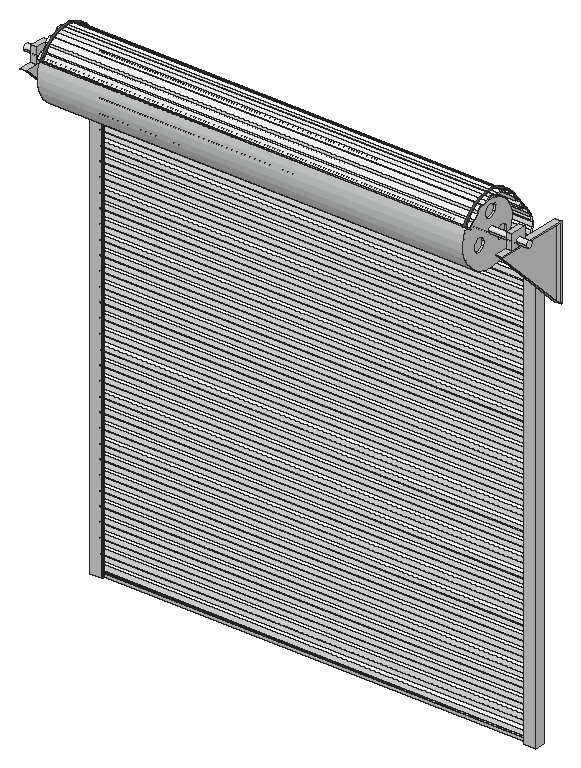
Revit family "ProStar-Rolling-Steel-Sheet-Doors_OHD_Model-790CW-REV-A_compact", category Specialty Equipment, host Wall, Revit 2023
Family settings
  Host = Wall
  Round Connector Dimension = Use Diameter
  Part Type = Normal
  OmniClass Number = 23.30.10.21.34
  OmniClass Title = Industrial Doors
  Enable Cutting in Views = No
  Always vertical = Yes
  Cut with Voids When Loaded = No
  Maintain Annotation Orientation = No
  Shared = No
  Room Calculation Point = No
Parameters (values of type "‏​Manual push-up")
  Voltage Real = 0 V
  Voltage [instance] = if(Electric Operator RLD, 120 V, Voltage Real)  # 0 V
  Version = "1.00.01"  # constant formula
  True Opening Width [instance] = Clear Width  # 100"
  True Opening Height [instance] = Clear Height  # 100"
  Slat Height = 3 91/256" * 3  # 10 17/256"
  Product Page URL = "https://www.overheaddoor.com/rolling-steel-sheet-doors-790cw"
  Slat Length [instance] = [Opening Width (Real)] + 1/4" * 2 + 1 77/256" * 2  # 103 13/128"
  Power Factor = 1
  Opening Width [instance] = 100"
  Opening Height [instance] = 100"
  Number of Poles = 1
  Motor Type Selection Real [instance] = if(and(Voltage Real = 115 V, or(Motor Type Selection < 1, Motor Type Selection = 1)), 1, 2)  # 2
  Motor Type Selection [instance] = 1
  Motor Type [instance] = if(Chain Hoist, "Chain Hoist", if(Manual, "Manual", if(Voltage Real = 115 V, if(or(Motor Type Selection < 1, Motor Type Selection > 2), "Please Select Motor Type Selection between 1 and 2", if(Motor Type Selection = 1, "RLD Wall Mount", "RMZ Wall Mount")), "RMZ Wall Mount")))  # "Manual"
  Min Opening Width [instance] = 96"  # constant formula
  Min Opening Height [instance] = 96"  # constant formula
  Max Opening Width [instance] = 240"  # constant formula
  Max Opening Height [instance] = 192"  # constant formula
  Manual = yes
  Headroom Height [instance] = 23"  # constant formula
  Opening Width (Real) [instance] = if(Opening Width < Min Opening Width, Min Opening Width, if(Opening Width > Max Opening Width, Max Opening Width, Opening Width))  # 100"
  Opening Height (Real) [instance] = if(Opening Height < Min Opening Height, Min Opening Height, if(Opening Height > Max Opening Height, Max Opening Height, Opening Height))  # 100"
  URL = "https://www.overheaddoor.com/"
  Product data url = "https://www.bimobject.com/overhead-door/product/rolling-steel-sheet-doors-790cw"
  Product Guid = "31ea9244-d163-47bf-8a72-29b8d9e5b7aa"
  Model = "790CW"  # constant formula
  Manufacturer = "Overhead Door Corporation"  # constant formula
  Wall Closure = By host
  Frequency = 0 Hz
  Floor To (CL) of Shaft [instance] = [Opening Height (Real)] + 13 95/128" + 1"  # 114 95/128"
  Finish Material = Metal - Overhead Door - Galvanized Steel
  Electrical Operator Real = no
  Electrical Operator RMZ [instance] = if(and(Electrical Operator Real, Motor Type Selection Real = 2), 1 = 1, 1 = 2)  # no
  Electric Operator RLD [instance] = if(and(Voltage Real = 115 V, Motor Type Selection Real = 1), 1 = 1, 1 = 2)  # no
  Description = "MODEL 790CW COMMERCIAL WINDLOAD SHEET DOOR"  # constant formula
  Default Elevation = 0"
  Date Updated = "2026/05/29"  # constant formula
  Curtain Material [instance] = Steel - Overhead Door - White
  Current [instance] = if(Manual, 0 A, if(Electric Operator RLD, 4 A, 20 A))  # 0 A
  Connection Offset [instance] = [Floor To (CL) of Shaft] - Array Length - 1 3/16" + 1/256"  # 2 53/64"
  Clear Width [instance] = [Opening Width (Real)]  # 100"
  Clear Height [instance] = [Opening Height (Real)]  # 100"
  Chain Hoist = no
  BimObject_Variable_Connectors = "No"  # constant formula
  Backroom Depth [instance] = 21"  # constant formula
  Array Length [instance] = (Array) * Slat Height  # 110 187/256"
  Array [instance] = rounddown(([Opening Height (Real)] - 1 3/16" + 11 145/256" + 1") / Slat Height)  # 11
  Apparent Load Phase 1 [instance] = Voltage * Current  # 0 VA
Reference planes (in)
  plane 1 "Center (Front/Back)": y = 0
  plane 2 "Center (Left/Right)": x = 0
  plane 3 "Left": x = -50
  plane 4 "Right": x = 50
  plane 5 "Exterior": y = 1.5
  plane 6 "Interior": y = -4.5
  plane 7: x = 50
  plane 8: x = -50
  plane 9: z = 100
  plane 10 "Top": z = 123
  plane 11 "Main": y = -5.75
  plane 12: y = -25.5
  plane 13 "Main Door Block": y = -4.5
  plane 14: z = 47.47
  plane 15 "Bottom Bar": z = 1.1875
  plane 16: x = 52.5
  plane 17: x = -52.5
  plane 18: y = -5.253
  plane 19: y = -6.048
  plane 20: z = 111.91797
  plane 21: z = 114.74219
  plane 22: z = 11.25391
Lines and regions (in)
  Opening 1
    outline origin (-90, -4.5, 0) x (1, 0, 0) y (0, 0, 1)
      loop
        line (40, 0) -> (140, 0) -> (140, 100) -> (40, 100) -> (40, 0)
Text (in)
  text "Exterior" at (-74.96733, 27.31104, 0), in view "Ref. Level"
  text "Interior" at (-74.96733, -25.14366, 0), in view "Ref. Level"
  text "Exterior" at (0, 40.15149, 123.01588), in view "Right"
  text "Interior" at (0, -64.39139, 123.01588), in view "Right"
  text "Interior" at (0, -31.01599, 123.00693), in view "Left"
  text "Exterior" at (0, 54.57065, 123.00693), in view "Left"
Dimensions and locks (in)
  equal spacing: plane 3 "Left", plane 2 "Center (Left/Right)", plane 4 "Right"
  level to host wall = 459.59655"
  "Opening Height (Real)": level to plane 9
  plane 8 to plane 2 "Center (Left/Right)" to plane 7 = 50", 50"
  "Headroom Height": plane 9 to plane 10 "Top"
  locked: plane 13 "Main Door Block" to plane 11 "Main" at 1.25
  locked: plane 1 "Center (Front/Back)" to plane 6 "Interior" at 4.5
  locked: plane 8 to plane 17 at 2.5
  locked: plane 16 to plane 7 at 2.5
  locked: plane 5 "Exterior" to plane 1 "Center (Front/Back)" at 1.5
  equal spacing: plane 7, plane 2 "Center (Left/Right)", plane 8
  locked: plane 18 to plane 11 "Main" at 0.497
  "Opening Width (Real)": plane 7 to plane 8
  "Backroom Depth": plane 12 to plane 6 "Interior"
  locked: plane 11 "Main" to plane 19 at 0.298
  plane 19 to plane 11 "Main" = 0.298"
  locked: plane 15 "Bottom Bar" to level at 1.1875
  "Array Length": plane 20 to plane 15 "Bottom Bar"
  "Floor To (CL) of Shaft": plane 21 to level
  "Slat Height": plane 22 to plane 15 "Bottom Bar"
  equal spacing: group 1, group 2, group 3, group 4, group 5, group 6, group 7, group 8, group 9, group 10, group 11  (x3)
  locked: plane 12 to nested 3 at 8.257
  locked: plane 12 to nested 13 at 8.257
  aligned and locked: Opening 1 sketch curve to level
  aligned and locked: plane 5 "Exterior" to host wall
  aligned and locked: host wall to plane 6 "Interior"
  aligned and locked: plane 8 to Opening 1 sketch curve
  aligned and locked: plane 7 to Opening 1 sketch curve
  aligned and locked: Opening 1 sketch curve to plane 9
  aligned and locked: plane 13 "Main Door Block" to plane 6 "Interior"
  aligned and locked: plane 21 to nested 3
  aligned and locked: plane 2 "Center (Left/Right)" to nested 3
  aligned and locked: plane 15 "Bottom Bar" to nested 2
  aligned and locked: plane 22 to nested 4
  aligned and locked: plane 19 to nested 2
  aligned and locked: plane 19 to nested 4
  aligned and locked: plane 2 "Center (Left/Right)" to nested 2
  aligned and locked: plane 2 "Center (Left/Right)" to nested 4
  aligned and locked: nested 1 to plane 6 "Interior"
  aligned and locked: level to nested 1
  aligned and locked: nested 1 to plane 2 "Center (Left/Right)"
  aligned and locked: plane 7 to nested 13
  aligned and locked: plane 21 to nested 13
  aligned and locked: plane 4 "Right" to plane 7
Nested families (in)
  nested 1: "Lifts" at (0, -4.5, 0) x (-1, 0, 0) z (0, 0, 1), type "Frame Unit"
  nested 2: "Slat" at (0, -6.048, 1.1875), type "Slat"
  nested 3: "Top Slat" at (0, -17.243, 114.74219), type "Top Slat"
  nested 4: "Slat" at (0, -6.048, 11.25391), type "Slat"
  nested 5: "Slat" at (0, -6.048, 21.32031), type "Slat"
  nested 6: "Slat" at (0, -6.048, 31.38672), type "Slat"
  nested 7: "Slat" at (0, -6.048, 41.45313), type "Slat"
  nested 8: "Slat" at (0, -6.048, 51.51953), type "Slat"
  nested 9: "Slat" at (0, -6.048, 61.58594), type "Slat"
  nested 10: "Slat" at (0, -6.048, 71.65234), type "Slat"
  nested 11: "Slat" at (0, -6.048, 81.71875), type "Slat"
  nested 12: "Slat" at (0, -6.048, 91.78516), type "Slat"
  nested 13: "Operator" at (50, -17.243, 114.74219), type "Family1"
  nested 14: "Slat" at (0, -6.048, 101.85156), type "Slat"
Connectors (in)
  electrical at (55.75, -17.243, 114.74219), driven by "Number of Poles", driven by "Voltage", driven by "Power Factor", driven by "Apparent Load Phase 1"
    settings: on nested 13, index 1, voltage 0 V, apparent load 0 VA, apparent load phase1 0 VA, apparent load phase2 0 VA, apparent load phase3 0 VA, power factor 1, load classification "Other", number of poles 1, system type 31, power factor state 1, is connector primary yes, connector utility no, sub classification motor no, connector description "Electrical Connector"
Definition of nested family "Lifts"
  Parameters (values of type "Frame Unit")
    Shaft Radius = 3/4"  # constant formula
    Shaft Material = none
    Setback = 1/4"  # constant formula
    Right Shaft Offset = 10"
    Resin Support Outter Radius = 8.257"  # constant formula
    Resin Support Inner Radius = 8.187"  # constant formula
    Resin Stopper Radius = 1 1/2"  # constant formula
    Resin Muft Offset = 2.141"  # constant formula
    Resin Elements Material = none
    Opening Width = 100"
    Muft Outter Radius = 8.257"  # constant formula
    Muft Inner Radius = 6 3/8"  # constant formula
    Left Shaft Offset = 10"
    J Offset = 11.743" + 1"  # 12.743"
    Headroom Height = 23"
    Header Width = 21"
    H = 12.243" + 1"  # 13.243"
    Guide Width R Real = Guid Width + Setback  # 3 1/4"
    Guide Width L Real = Guid Width + Setback  # 3 1/4"
    Guid Width = 3"  # constant formula
    Opening Height = 100"
    Floor To (CL) of Shaft = Opening Height + 13.742" + 1"  # 114.742"
    Finish Material = none
    Default Elevation = 48"
    Analytic Construction = "<None>"
  Reference planes (in)
    plane 1 "Center (Front/Back)": y = 0
    plane 2: z = 0
    plane 3 "Center (Left/Right)": x = 0
    plane 4 "Left": x = -50
    plane 5 "Right": x = 50
    plane 6 "Opening Height": z = 100
    plane 7: x = -60
    plane 8: x = 60
    plane 9: z = 123
    plane 10: y = 21
    plane 11: x = -25
    plane 12: x = 25
    plane 13: z = 114.742
    plane 14: y = 12.743
    plane 15: x = -51.55
    plane 16: x = 51.55
    plane 17: x = 53.25
    plane 18: x = -53.25
    plane 19: z = 113.243
    plane 20: x = 57
    plane 21: x = 50.75
    plane 22: x = -50.75
  Forms (in)
    Extrusion 1, solid, material <- "Finish Material"
      sketch origin (0, 0, 0) x (1, 0, 0) y (0, 1, 0)
        loop
          line (-53.25, 0) -> (-50.375, 0)
          arc (-50.375, 0) -> (-50.28661, 0.03661) -> (-50.25, 0.125) r 0.125
          line (-50.25, 0.125) -> (-50.25, 0.625)
          arc (-50.25, 0.625) -> (-50.26831, 0.66919) -> (-50.3125, 0.6875) r 0.0625
          line (-50.3125, 0.6875) -> (-51.55, 0.6875) -> (-51.55, 1.78125) -> (-50.325, 1.78125)
          arc (-50.325, 1.78125) -> (-50.27197, 1.80322) -> (-50.25, 1.85625) r 0.075
          line (-50.25, 1.85625) -> (-50.25, 2.21875)
          arc (-50.25, 2.21875) -> (-50.28661, 2.30714) -> (-50.375, 2.34375) r 0.125
          line (-50.375, 2.34375) -> (-53.25, 2.34375) -> (-53.25, 0)
        loop
          line (53.25, 0) -> (53.25, 2.34375) -> (50.3625, 2.34375)
          arc (50.3625, 2.34375) -> (50.28295, 2.3108) -> (50.25, 2.23125) r 0.1125
          line (50.25, 2.23125) -> (50.25, 1.85625)
          arc (50.25, 1.85625) -> (50.27197, 1.80322) -> (50.325, 1.78125) r 0.075
          line (50.325, 1.78125) -> (51.55, 1.78125) -> (51.55, 0.6875) -> (50.3125, 0.6875)
          arc (50.3125, 0.6875) -> (50.26831, 0.66919) -> (50.25, 0.625) r 0.0625
          line (50.25, 0.625) -> (50.25, 0.125)
          arc (50.25, 0.125) -> (50.28661, 0.03661) -> (50.375, 0) r 0.125
          line (50.375, 0) -> (53.25, 0)
      from 100 to 0
    Extrusion 2, solid, material <- "Finish Material"
      sketch origin (0, 0, 0) x (0, 1, 0) y (0, 0, 1)
        loop
          line (2.0625, 1) -> (2.0625, 1.1875) -> (1.45087, 1.1875) -> (1.45087, 2.125) -> (-0.15187, 2.125) -> (-0.3125, 1.96437) -> (-0.3125, 1.34813) -> (-0.15187, 1.1875) -> (0, 1.1875) -> (0, 1) -> (2.0625, 1)
      from -51.55 to 51.55
    Extrusion 3, solid, material <- "Finish Material"
      sketch origin (0, 0, 0) x (0, 1, 0) y (0, 0, 1)
        loop
          line (0.73437, 1) -> (0.73437, 0) -> (1.73437, 0) -> (1.73437, 1) -> (0.73437, 1)
      from -51.55 to 51.55
    Extrusion 4, solid, material <- "Shaft Material"
      sketch origin (0, 0, 0) x (0, 1, 0) y (0, 0, 1)
        loop
          circle (12.743, 114.742) r 0.75
      from -60 to 60
    Extrusion 5, solid, material <- "Finish Material"
      sketch origin (-53.25, 0, 100) x (0, 0, 1) y (0, -1, 0)
        loop
          line (13.243, -14.568) -> (16.893, -14.568) -> (16.893, -10.918) -> (13.243, -10.918) -> (13.243, 0) -> (-4.5, 0) -> (13.243, -17.743) -> (13.243, -14.568)
      from -4.25 to -2.75
    Extrusion 6, solid, material <- "Finish Material"
      sketch origin (53.25, 0, 100) x (0, 0, 1) y (0, -1, 0)
        loop
          line (13.243, -14.568) -> (16.893, -14.568) -> (16.893, -10.918) -> (13.243, -10.918) -> (13.243, 0) -> (-4.5, 0) -> (13.243, -17.743) -> (13.243, -14.568)
      from 4.25 to 2.75
    Extrusion 7, void
      sketch origin (0, 0, 0) x (1, 0, 0) y (0, 1, 0)
        loop
          line (50, -0.3125) -> (51.55, -0.3125) -> (51.55, 0.125) -> (50, 0.125) -> (50, -0.3125)
        loop
          line (-50, -0.3125) -> (-50, 0.125) -> (-51.55, 0.125) -> (-51.55, -0.3125) -> (-50, -0.3125)
      from 0 to 2.125
    Extrusion 8, solid, material <- "Finish Material"
      sketch origin (0, 12.743, 114.742) x (0, 0.906308, 0.422618) y (0, -0.422618, 0.906308)
        loop
          arc (6.375, 0) -> (0, 6.375) -> (-6.375, 0) r 6.375
          line (-6.375, 0) -> (-8.257, 0)
          arc (-8.257, 0) -> (0, -8.257) -> (8.257, 0) r 8.257
          line (8.257, 0) -> (6.375, 0)
        loop
          circle (1.658, 3.5556) r 1.625
        loop
          circle (2.25024, -3.21367) r 1.625
        loop
          circle (-3.90824, -0.34193) r 1.625
      from 50.75 to -50.75
    Extrusion 9, solid, material <- "Finish Material"
      sketch origin (0, 0, 0) x (0, 1, 0) y (0, 0, 1)
        loop
          circle (12.743, 114.742) r 6.375
      from -50 to 50
    Extrusion 10, void
      sketch origin (53.25, 0, 100) x (0, 0, 1) y (-1, 0, 0)
        loop
          line (12.963, -3.03) -> (-4.5, -3.03) -> (-4.5, -4.25) -> (12.963, -4.25) -> (12.963, -3.03)
        loop
          line (16.893, -4.25) -> (16.893, -4.1749) -> (13.243, -4.1749) -> (13.243, -4.25) -> (16.893, -4.25)
        loop
          line (16.893, -2.75) -> (13.243, -2.75) -> (13.243, -2.8251) -> (16.893, -2.8251) -> (16.893, -2.75)
      from -0.28 to -20.22638
    Extrusion 11, void
      sketch origin (-53.25, 0, 100) x (0, 0, -1) y (-1, 0, 0)
        loop
          line (-12.963, 3.03) -> (4.5, 3.03) -> (4.5, 4.25) -> (-12.963, 4.25) -> (-12.963, 3.03)
        loop
          line (-16.893, 4.25) -> (-16.893, 4.1749) -> (-13.243, 4.1749) -> (-13.243, 4.25) -> (-16.893, 4.25)
        loop
          line (-16.893, 2.75) -> (-13.243, 2.75) -> (-13.243, 2.8251) -> (-16.893, 2.8251) -> (-16.893, 2.75)
      from 0.28 to 17.743
    Sweep 12, solid, material <- "Resin Elements Material"
      path origin (0, 0, 0) x (0, 1, 0) y (0, 0, 1)
        loop
          line (0.6875, 0) -> (0.6875, 112.601) -> (6.19446, 119.77138)
          arc (6.19446, 119.77138) -> (13.64369, 122.94973) -> (20.22638, 118.23156) r 8.257
      profile origin (0, 0.6875, 56.3005) x (0, -1, 0) y (1, 0, 0)
        loop
          line (0, 50.25) -> (0, 50.75) -> (-0.07, 50.75) -> (-0.07, 50.25) -> (0, 50.25)
        loop
          line (0, -50.25) -> (-0.07, -50.25) -> (-0.07, -50.75) -> (0, -50.75) -> (0, -50.25)
  Cuts and joins
    Extrusion 11 cuts Extrusion 5
    Extrusion 10 cuts Extrusion 6
    joined: Extrusion 5, Extrusion 6
    Extrusion 7 cuts Extrusion 2
  Lines and regions (in)
    Masking region 1
      outline origin (0, 0, 0) x (1, 0, 0) y (0, 1, 0)
        loop
          line (-51.55, 2.34375) -> (-53.25, 2.34375) -> (-53.25, 0) -> (-51.55, 0) -> (-51.55, 2.34375)
        loop
          line (51.55, 2.34375) -> (51.55, 0) -> (53.25, 0) -> (53.25, 2.34375) -> (51.55, 2.34375)
    Masking region 2
      outline origin (0, 0, 0) x (1, 0, 0) y (0, 1, 0)
        loop
          line (60, 11.993) -> (60, 13.493) -> (57.4249, 13.493) -> (57.4249, 14.568) -> (56.0751, 14.568) -> (56.0751, 13.493) -> (51.55, 13.493) -> (51.55, 11.993) -> (56.0751, 11.993) -> (56.0751, 10.918) -> (57.4249, 10.918) -> (57.4249, 11.993) -> (60, 11.993)
        loop
          line (-60, 11.993) -> (-57.4249, 11.993) -> (-57.4249, 10.918) -> (-56.0751, 10.918) -> (-56.0751, 11.993) -> (-51.55, 11.993) -> (-51.55, 13.493) -> (-56.0751, 13.493) -> (-56.0751, 14.568) -> (-57.4249, 14.568) -> (-57.4249, 13.493) -> (-60, 13.493) -> (-60, 11.993)
    Masking region 3
      outline origin (0, 0, 0) x (1, 0, 0) y (0, 1, 0)
        loop
          line (-56, 0) -> (-56, 17.743) -> (-57.5, 17.743) -> (-57.5, 0) -> (-56, 0)
        loop
          line (56, 17.743) -> (56, 0) -> (57.5, 0) -> (57.5, 17.743) -> (56, 17.743)
    Masking region 4
      outline origin (0, 0, 0) x (1, 0, 0) y (0, 1, 0)
        loop
          line (-53.25, 2.34375) -> (-53.25, 0) -> (-50.375, 0)
          arc (-50.375, 0) -> (-50.28661, 0.03661) -> (-50.25, 0.125) r 0.125
          line (-50.25, 0.125) -> (-50.25, 0.625)
          arc (-50.25, 0.625) -> (-50.26831, 0.66919) -> (-50.3125, 0.6875) r 0.0625
          line (-50.3125, 0.6875) -> (-51.55, 0.6875) -> (-51.55, 1.78125) -> (-50.75, 1.78125) -> (-50.75, 2.34375) -> (-53.25, 2.34375)
        loop
          line (53.25, 2.34375) -> (50.75, 2.34375) -> (50.75, 1.78125) -> (51.55, 1.78125) -> (51.55, 0.6875) -> (50.3125, 0.6875)
          arc (50.3125, 0.6875) -> (50.26831, 0.66919) -> (50.25, 0.625) r 0.0625
          line (50.25, 0.625) -> (50.25, 0.125)
          arc (50.25, 0.125) -> (50.28661, 0.03661) -> (50.375, 0) r 0.125
          line (50.375, 0) -> (53.25, 0) -> (53.25, 2.34375)
    Masking region 5
      outline origin (0, 0, 0) x (1, 0, 0) y (0, 1, 0)
        loop
          line (-50.75, 20.22638) -> (-50.75, 0.6875) -> (-50.25, 0.6875) -> (-50.25, 20.22638) -> (-50.75, 20.22638)
        loop
          line (50.25, 0.6875) -> (50.75, 0.6875) -> (50.75, 20.22638) -> (50.25, 20.22638) -> (50.25, 0.6875)
    reference lines
      curve 1: line (53.25, 0, 100) -> (53.25, 0, 109.583)
      curve 2: line (-53.25, 0, 100) -> (-53.25, 0, 109.583)
      curve 3: line (0, 12.743, 114.742) -> (0, 21, 118.5923)
    symbolic lines
      curve 4: line (56.0751, 10.918, 0) -> (56.0751, 14.568, 0)
      curve 5: line (57.4249, 14.568, 0) -> (57.4249, 10.918, 0)
      curve 6: line (-57.4249, 10.918, 0) -> (-57.4249, 14.568, 0)
      curve 7: line (-56.0751, 14.568, 0) -> (-56.0751, 10.918, 0)
  Dimensions and locks (in)
    equal spacing: plane 4 "Left", plane 3 "Center (Left/Right)", plane 5 "Right"
    "Opening Width": plane 4 "Left" to plane 5 "Right"
    "Opening Height": plane 6 "Opening Height" to level
    "Guide Width L Real": Extrusion 1 sketch curve to plane 4 "Left"
    locked: Extrusion 1 sketch curve to Extrusion 1 sketch curve at 2.34375
    "Headroom Height": plane 9 to plane 6 "Opening Height"
    plane 10 to plane 1 "Center (Front/Back)" = 21"
    "Header Width": plane 10 to plane 1 "Center (Front/Back)"
    locked: Extrusion 1 sketch curve to Extrusion 1 sketch curve at 0.5625
    locked: Extrusion 1 sketch curve to Extrusion 1 sketch curve at 0.6875
    locked: Extrusion 3 sketch curve to level at 1
    locked: Extrusion 2 sketch curve to level at 2.125
    locked: Extrusion 2 sketch curve to level at 1.1875
    locked: Extrusion 2 sketch curve to Extrusion 2 sketch curve at 1.125
    locked: Extrusion 2 sketch curve to Extrusion 2 sketch curve at 0.16063  (x2)
    locked: Extrusion 7 sketch curve to plane 1 "Center (Front/Back)" at 0.3125  (x2)
    locked: plane 1 "Center (Front/Back)" to Extrusion 7 sketch curve at 0.125
    equal spacing: plane 4 "Left", plane 11, plane 3 "Center (Left/Right)"
    equal spacing: plane 5 "Right", plane 12, plane 3 "Center (Left/Right)"
    "Floor To (CL) of Shaft": plane 13 to plane 2
    "J Offset": plane 14 to plane 1 "Center (Front/Back)"
    locked: curve 1 to curve 1 at 9.583
    locked: curve 2 to curve 2 at 9.583
    "Setback": Extrusion 1 sketch curve to plane 4 "Left"
    locked: Extrusion 1 sketch curve to Extrusion 1 sketch curve at 1.3  (x2)
    "Setback": plane 5 "Right" to Extrusion 1 sketch curve
    "Guide Width R Real": plane 5 "Right" to Extrusion 1 sketch curve
    locked: plane 15 to plane 4 "Left" at 1.55
    locked: plane 5 "Right" to plane 16 at 1.55
    "Guide Width R Real": plane 5 "Right" to plane 17
    "Guide Width L Real": plane 18 to plane 4 "Left"
    "Left Shaft Offset": plane 7 to plane 4 "Left"
    "Right Shaft Offset": plane 5 "Right" to plane 8
    locked: plane 1 "Center (Front/Back)" to Extrusion 3 sketch curve at 0.73437
    locked: Extrusion 3 sketch curve to Extrusion 3 sketch curve at 1
    "H": plane 19 to plane 6 "Opening Height"
    plane 5 "Right" to plane 20 = 7"
    locked: plane 5 "Right" to plane 21 at 0.75
    locked: plane 22 to plane 4 "Left" at 0.75
    locked: plane 14 to Extrusion 6 sketch curve at 5
    locked: plane 14 to Extrusion 5 sketch curve at 5
    equal spacing: Extrusion 6 sketch curve, plane 14, Extrusion 6 sketch curve
    locked: Extrusion 6 sketch curve to plane 14 at 1.825
    locked: Extrusion 6 sketch curve to plane 13 at 2.151
    equal spacing: Extrusion 5 sketch curve, plane 14, Extrusion 5 sketch curve
    locked: Extrusion 5 sketch curve to plane 14 at 1.825
    locked: Extrusion 5 sketch curve to plane 13 at 2.151
    locked: plane 1 "Center (Front/Back)" to Sweep 12 sketch curve at 0.6875
    locked: Sweep 12 sketch curve to Sweep 12 sketch curve at 0.07
    "Resin Muft Offset": plane 13 to Sweep 12 sketch curve
    "Setback": plane 5 "Right" to Sweep 12 sketch curve
    "Setback": Sweep 12 sketch curve to plane 4 "Left"
    equal spacing: Masking region 2 sketch curve, plane 14, Masking region 2 sketch curve
    "Shaft Radius": Masking region 2 sketch curve to plane 14
    radius of Extrusion 1 sketch curve = 1/16"  (x2)
    radius of Extrusion 1 sketch curve = 1/8"  (x3)
    radius of Extrusion 1 sketch curve = 0.075"  (x2)
    radius of Extrusion 1 sketch curve = 0.1125"
    "Shaft Radius": radius of Extrusion 4 sketch curve
    "Muft Inner Radius": radius of Extrusion 8 sketch curve
    "Muft Outter Radius": radius of Extrusion 8 sketch curve
    "Muft Inner Radius": radius of Extrusion 9 sketch curve
    "Resin Support Outter Radius": radius of Sweep 12 sketch curve
    locked: plane 13 to curve 3 (angle 25.00°)
    locked: Extrusion 6 sketch curve to Extrusion 6 sketch curve (angle 45.00°)
    locked: plane 19 to Extrusion 5 sketch curve (angle 45.00°)
    aligned and locked: plane 2 to level
    aligned and locked: plane 1 "Center (Front/Back)" to Extrusion 1 sketch curve
    aligned and locked: Extrusion 1 sketch curve to plane 1 "Center (Front/Back)"
    aligned and locked: Extrusion 1 sketch curve to Extrusion 1 sketch curve  (x5)
    aligned and locked: plane 7 to Extrusion 4
    aligned and locked: Extrusion 4 to plane 8
    aligned and locked: plane 6 "Opening Height" to Extrusion 1
    aligned and locked: Extrusion 3 sketch curve to level
    aligned and locked: Extrusion 2 sketch curve to Extrusion 2 sketch curve
    aligned and locked: Extrusion 7 sketch curve to plane 5 "Right"
    aligned and locked: Extrusion 7 sketch curve to plane 4 "Left"
    aligned and locked: Extrusion 7 sketch curve to Extrusion 7 sketch curve
    aligned and locked: plane 13 to Extrusion 4 sketch curve
    aligned and locked: plane 14 to Extrusion 4 sketch curve
    aligned and locked: plane 6 "Opening Height" to curve 1
    aligned and locked: plane 6 "Opening Height" to curve 2
    aligned and locked: Extrusion 7 sketch curve to plane 15
    aligned and locked: plane 15 to Extrusion 3
    aligned and locked: plane 15 to cut or joined group of Extrusion 2, Extrusion 7
    aligned and locked: Extrusion 3 to plane 16
    aligned and locked: cut or joined group of Extrusion 2, Extrusion 7 to plane 16
    aligned and locked: Extrusion 7 sketch curve to plane 16
    aligned and locked: curve 1 to plane 17
    aligned and locked: curve 2 to plane 18
    aligned and locked: Extrusion 1 to Masking region 1 sketch curve  (x2)
    aligned and locked: Masking region 1 sketch curve to Extrusion 1  (x4)
    aligned and locked: plane 14 to Extrusion 8 sketch curve
    aligned and locked: plane 13 to Extrusion 8 sketch curve
    aligned and locked: plane 14 to curve 3
    aligned and locked: plane 10 to curve 3
    aligned and locked: curve 3 to Extrusion 8 sketch curve
    aligned and locked: Extrusion 8 sketch curve to curve 3
    aligned and locked: plane 14 to Extrusion 9 sketch curve
    aligned and locked: plane 13 to Extrusion 9 sketch curve
    aligned and locked: Extrusion 8 to plane 21
    aligned and locked: Extrusion 9 to plane 5 "Right"
    aligned and locked: Extrusion 8 to plane 22
    aligned and locked: plane 4 "Left" to Extrusion 9
    aligned and locked: Extrusion 6 sketch curve to plane 19  (x2)
    aligned and locked: plane 1 "Center (Front/Back)" to Extrusion 6 sketch curve
    aligned and locked: Extrusion 5 sketch curve to plane 19  (x2)
    aligned and locked: plane 1 "Center (Front/Back)" to Extrusion 5 sketch curve
    aligned and locked: level to Sweep 12 sketch curve
    aligned and locked: Sweep 12 sketch curve to profile plane
    aligned and locked: Sweep 12 sketch curve to plane 21
    aligned and locked: Sweep 12 sketch curve to Sweep 12 sketch curve  (x2)
    aligned and locked: Sweep 12 sketch curve to plane 22
    aligned and locked: plane 13 to Sweep 12 sketch curve
    aligned and locked: plane 14 to Sweep 12 sketch curve
    aligned and locked: curve 3 to Sweep 12 sketch curve
    aligned and locked: Masking region 2 sketch curve to plane 8
    aligned and locked: cut or joined group of Extrusion 5, Extrusion 6, Extrusion 10, Extrusion 11 to Masking region 2 sketch curve  (x12)
    aligned and locked: Masking region 2 sketch curve to plane 7
    aligned and locked: Masking region 2 sketch curve to Masking region 2 sketch curve  (x6)
    aligned and locked: Masking region 3 sketch curve to cut or joined group of Extrusion 5, Extrusion 6, Extrusion 10, Extrusion 11  (x6)
    aligned and locked: cut or joined group of Extrusion 5, Extrusion 6, Extrusion 10, Extrusion 11 to Masking region 3 sketch curve  (x2)
    aligned and locked: cut or joined group of Extrusion 5, Extrusion 6, Extrusion 10, Extrusion 11 to curve 4  (x3)
    aligned and locked: cut or joined group of Extrusion 5, Extrusion 6, Extrusion 10, Extrusion 11 to curve 5  (x3)
    aligned and locked: cut or joined group of Extrusion 5, Extrusion 6, Extrusion 10, Extrusion 11 to curve 6  (x3)
    aligned and locked: cut or joined group of Extrusion 5, Extrusion 6, Extrusion 10, Extrusion 11 to curve 7  (x3)
    aligned and locked: Masking region 4 sketch curve to Extrusion 1  (x12)
    aligned and locked: Extrusion 1 to Masking region 4 sketch curve  (x2)
    aligned and locked: Sweep 12 to Masking region 4 sketch curve  (x2)
    aligned and locked: Masking region 5 sketch curve to Sweep 12  (x8)
    aligned and locked: Masking region 2 sketch curve to plane 15
    aligned and locked: Masking region 2 sketch curve to plane 16
  Automatic sketch dimensions
    Extrusion 2 sketch curve to plane 1 "Center (Front/Back)" = 0"
    plane 1 "Center (Front/Back)" to Extrusion 2 sketch curve = 0.15187"  (x2)
    Extrusion 2 sketch curve to Extrusion 2 sketch curve = 0.16063"
    Extrusion 2 sketch curve to plane 1 "Center (Front/Back)" = 1.45088"
    Extrusion 2 sketch curve to Extrusion 2 sketch curve = 0.61162"
    plane 1 "Center (Front/Back)" to Masking region 1 sketch curve = 0"
    Masking region 1 sketch curve to plane 1 "Center (Front/Back)" = 2 11/32"
    curve 3 to plane 13 = 0"
    curve 2 to Extrusion 11 sketch curve = 2.8251"
    Extrusion 11 sketch curve to curve 2 = 7.31"
    Extrusion 11 sketch curve to Extrusion 11 sketch curve = 0"  (x2)
    Extrusion 11 sketch curve to curve 2 = 3.66"
    Extrusion 11 sketch curve to Extrusion 11 sketch curve = 0.28"
    curve 2 to Extrusion 11 sketch curve = 4 1/2"
    Extrusion 11 sketch curve to Extrusion 11 sketch curve = 0.0751"  (x2)
    curve 2 to Extrusion 11 sketch curve = 3.03"
    Extrusion 11 sketch curve to Extrusion 11 sketch curve = 1.1449"
    Extrusion 11 sketch curve to Extrusion 11 sketch curve = 1.22"
    Extrusion 10 sketch curve to curve 1 = 4 1/2"
    curve 1 to Extrusion 10 sketch curve = 3.38"
    Extrusion 10 sketch curve to Extrusion 10 sketch curve = 0.28"  (x2)
    Extrusion 10 sketch curve to Extrusion 10 sketch curve = 3.65"
    Extrusion 10 sketch curve to Extrusion 10 sketch curve = 0"  (x2)
    curve 1 to Extrusion 10 sketch curve = 4 1/4"
    Extrusion 10 sketch curve to Extrusion 10 sketch curve = 0.0751"  (x2)
    Extrusion 10 sketch curve to Extrusion 10 sketch curve = 1.1449"
    Extrusion 10 sketch curve to Extrusion 10 sketch curve = 1.34981"
    Extrusion 8 sketch curve to Extrusion 8 sketch curve = 0"
    curve 3 to Extrusion 8 sketch curve = 0.34193"
    Extrusion 8 sketch curve to Extrusion 8 sketch curve = 2.46676"
    curve 3 to Extrusion 8 sketch curve = 1.658"
    curve 3 to Extrusion 8 sketch curve = 2.25024"
    Extrusion 8 sketch curve to curve 3 = 3.21367"
    curve 3 to Extrusion 8 sketch curve = 3.5556"
    radius of Extrusion 8 sketch curve = 1 5/8"  (x3)
Definition of nested family "Slat"
  Parameters (values of type "Slat")
    Slat Height = 3.354" * 3  # 10.062"
    Panel Material = none
    Opening Width = 103 13/128"
    Default Elevation = 48"
  Reference planes (in)
    plane 1 "Center (Front/Back)": y = 0
    plane 2: z = 0
    plane 3 "Center (Left/Right)": x = 0
    plane 4: z = 10.062
    plane 5: x = -51.55078
    plane 6: x = 51.55078
  Forms (in)
    Extrusion 1, solid, material <- "Panel Material"
      sketch origin (0, 0, 0) x (0, 1, 0) y (0, 0, 1)
        loop
          line (0.5962, 1.67027) -> (0.5962, 2.9709) -> (0.04, 3.375) -> (0.04, 4.62025) -> (0.5962, 5.02435) -> (0.5962, 6.32497) -> (0.04, 6.72907) -> (0.04, 7.97432) -> (0.5962, 8.37842) -> (0.5962, 9.67905) -> (0.04, 10.08315) -> (0, 10.06222) -> (0.5562, 9.65812) -> (0.5562, 8.3988) -> (0, 7.9947) -> (0, 6.70815) -> (0.5562, 6.30405) -> (0.5562, 5.04473) -> (0, 4.64063) -> (0, 3.35407) -> (0.5562, 2.94997) -> (0.5562, 1.69065) -> (0, 1.28655) -> (0, 0) -> (0.04, 0) -> (0.04, 1.26617) -> (0.5962, 1.67027)
      from -51.55078 to 51.55078
  Dimensions and locks (in)
    "Slat Height": plane 4 to plane 2
    equal spacing: plane 5, plane 3 "Center (Left/Right)", plane 6
    "Opening Width": plane 5 to plane 6
    aligned and locked: plane 2 to level
    aligned and locked: plane 5 to Extrusion 1
    aligned and locked: plane 6 to Extrusion 1
  Automatic sketch dimensions
    Extrusion 1 sketch curve to plane 1 "Center (Front/Back)" = 0"  (x4)
    Extrusion 1 sketch curve to level = 0"
    Extrusion 1 sketch curve to plane 1 "Center (Front/Back)" = 0.04"  (x3)
    Extrusion 1 sketch curve to Extrusion 1 sketch curve = 0.04"  (x4)
    Extrusion 1 sketch curve to plane 1 "Center (Front/Back)" = 0.5562"  (x3)
    level to Extrusion 1 sketch curve = 1.26617"
    Extrusion 1 sketch curve to Extrusion 1 sketch curve = 0.02038"  (x6)
    Extrusion 1 sketch curve to Extrusion 1 sketch curve = 0.4041"  (x5)
    Extrusion 1 sketch curve to Extrusion 1 sketch curve = 1.25932"  (x2)
    Extrusion 1 sketch curve to Extrusion 1 sketch curve = 0.02093"  (x5)
    Extrusion 1 sketch curve to Extrusion 1 sketch curve = 1.24525"
    Extrusion 1 sketch curve to Extrusion 1 sketch curve = 1.26617"
    Extrusion 1 sketch curve to plane 4 = 0.40388"
    plane 4 to Extrusion 1 sketch curve = 0.00022"
    plane 4 to Extrusion 1 sketch curve = 0.02115"
Definition of nested family "Top Slat"
  Parameters (values of type "Top Slat")
    Slat Height = 3.354"  # constant formula
    Primar Offset = 2 53/64"
    Panel Material = none
    Opening Width = 103 13/128"
    Offset 2 = if(Primar Offset > Slat Height * 2 + 2.175", Slat Height, 0")  # 0"
    Offset 1 = if(Primar Offset > Slat Height + 2.175", Slat Height, 0")  # 0"
    Default Elevation = 48"
    2nd Slat = if(Offset 2 = 0", 1 = 2, 1 = 1)  # no
    1st Slat = if(Offset 1 = 0", 1 = 2, 1 = 1)  # no
  Reference planes (in)
    plane 1 "Center (Front/Back)": y = 0
    plane 2: z = 0
    plane 3 "Center (Left/Right)": x = 0
    plane 4: x = -51.55078
    plane 5: x = 51.55078
  Forms (in)
    Extrusion 1, solid, material <- "Panel Material"
      sketch origin (0, -2.21749, 3.375) x (0, 1, 0) y (0, 0, 1)
        loop
          line (10.95902, -2.50599) -> (10.16621, -1.54574) -> (10.33784, -0.88) -> (9.50977, 0.12295) -> (8.80388, 0.07924)
          arc (8.80388, 0.07924) -> (8.49771, 0.60905) -> (8.14904, 1.11191) r 7.43816
          line (8.14904, 1.11191) -> (8.2539, 1.79485) -> (7.32987, 2.71017) -> (6.64852, 2.59895)
          arc (6.64852, 2.59895) -> (6.13875, 2.94542) -> (5.60204, 3.2485) r 7.43816
          line (5.60204, 3.2485) -> (5.3989, 3.90891) -> (4.16842, 4.33026) -> (3.60357, 3.93332)
          arc (3.60357, 3.93332) -> (2.99378, 4.02311) -> (2.37865, 4.0621) r 7.43816
          line (2.37865, 4.0621) -> (1.90809, 4.56805) -> (0.61695, 4.41126) -> (0.28145, 3.80789)
          arc (0.28145, 3.80789) -> (-0.30099, 3.62505) -> (-0.86648, 3.39508) r 7.43816
          line (-0.86648, 3.39508) -> (-1.51005, 3.64652) -> (-2.60504, 2.94465) -> (-2.64527, 2.25544)
          arc (-2.64527, 2.25544) -> (-3.09055, 1.83784) -> (-3.50009, 1.38513) r 7.43816
          line (-3.50009, 1.38513) -> (-4.189, 1.33218) -> (-4.87061, 0.22447) -> (-4.72055, -0.13969) -> (-4.66641, -0.16494) -> (-4.82558, 0.22133) -> (-4.16562, 1.29386) -> (-3.48014, 1.34654)
          arc (-3.48014, 1.34654) -> (-3.0618, 1.81003) -> (-2.60586, 2.2366) r 7.39816
          line (-2.60586, 2.2366) -> (-2.56584, 2.92226) -> (-1.50563, 3.60185) -> (-0.86527, 3.35166)
          arc (-0.86527, 3.35166) -> (-0.28716, 3.58752) -> (0.30877, 3.7738) r 7.39816
          line (0.30877, 3.7738) -> (0.64255, 4.37407) -> (1.89268, 4.52589) -> (2.36089, 4.02246)
          arc (2.36089, 4.02246) -> (2.98991, 3.98329) -> (3.61331, 3.89073) r 7.39816
          line (3.61331, 3.89073) -> (4.17526, 4.28564) -> (5.36666, 3.87767) -> (5.56879, 3.22056)
          arc (5.56879, 3.22056) -> (6.11792, 2.91127) -> (6.63873, 2.55637) r 7.39816
          line (6.63873, 2.55637) -> (7.31659, 2.66703) -> (8.21127, 1.78078) -> (8.10693, 1.10124)
          arc (8.10693, 1.10124) -> (8.46647, 0.58362) -> (8.78065, 0.03728) r 7.39816
          line (8.78065, 0.03728) -> (9.49225, 0.08135) -> (10.29402, -0.88975) -> (10.12239, -1.55549) -> (10.9415, -2.5476) -> (11.65309, -2.50352) -> (12.45486, -3.47463) -> (12.28082, -4.14974) -> (13.41281, -5.50386) -> (13.41281, -6.20312) -> (13.48161, -6.20312) -> (13.45281, -6.1822) -> (13.45281, -5.49244) -> (12.32739, -4.12932) -> (12.49868, -3.46488) -> (11.67061, -2.46192) -> (10.96472, -2.50564)
      from -51.55078 to 51.55078
    Extrusion 2, solid, material <- "Panel Material", visible <- "1st Slat"
      sketch origin (0, 1.16153, -2.82813) x (0, 1, 0) y (0, 0, 1)
        loop
          line (10.62998, 1.67027) -> (10.62998, 2.9709) -> (10.07378, 3.375) -> (10.03378, 3.35407) -> (10.58998, 2.94997) -> (10.58998, 1.69065) -> (10.03378, 1.28655) -> (10.03378, 0) -> (10.07378, 0) -> (10.07378, 1.26617) -> (10.62998, 1.67027)
      from -51.55078 to 51.55078
    Extrusion 3, solid, material <- "Panel Material", visible <- "2nd Slat"
      sketch origin (0, 1.16153, 0.52587) x (0, 1, 0) y (0, 0, 1)
        loop
          line (10.62998, 1.67027) -> (10.62998, 2.9709) -> (10.07378, 3.375) -> (10.03378, 3.35407) -> (10.58998, 2.94997) -> (10.58998, 1.69065) -> (10.03378, 1.28655) -> (10.03378, 0) -> (10.07378, 0) -> (10.07378, 1.26617) -> (10.62998, 1.67027)
      from -51.55078 to 51.55078
  Lines and regions (in)
    Masking region 1
      outline origin (0, 0, 0) x (1, 0, 0) y (0, 1, 0)
        loop
          line (-51.55078, -7.08811) -> (51.55078, -7.08811) -> (51.55078, 11.75151) -> (-51.55078, 11.75151) -> (-51.55078, -7.08811)
    reference lines
      curve 1: line (0, 0, -2.82813) -> (0, 15, -2.82813)
      curve 2: line (0, 0, -2.82813) -> (0, 15, -2.82813)
      curve 3: line (0, 0, -2.82813) -> (0, 15, -2.82813)
    symbolic lines
      curve 4: line (51.55078, 10.07388, 0) -> (-51.55078, 10.07388, 0)
      curve 5: line (-51.55078, 9.75558, 0) -> (51.55078, 9.75558, 0)
      curve 6: line (-51.55078, 9.06865, 0) -> (51.55078, 9.06865, 0)
      curve 7: line (-51.55078, 8.38293, 0) -> (51.55078, 8.38293, 0)
      curve 8: line (-51.55078, 7.98412, 0) -> (51.55078, 7.98412, 0)
      curve 9: line (-51.55078, 7.29719, 0) -> (51.55078, 7.29719, 0)
      curve 10: line (-51.55078, 6.58806, 0) -> (51.55078, 6.58806, 0)
      curve 11: line (-51.55078, 6.0364, 0) -> (51.55078, 6.0364, 0)
      curve 12: line (-51.55078, 5.11238, 0) -> (51.55078, 5.11238, 0)
      curve 13: line (-51.55078, 4.43102, 0) -> (51.55078, 4.43102, 0)
      curve 14: line (-51.55078, 3.38455, 0) -> (51.55078, 3.38455, 0)
      curve 15: line (-51.55078, 3.18141, 0) -> (51.55078, 3.18141, 0)
      curve 16: line (-51.55078, 1.95093, 0) -> (51.55078, 1.95093, 0)
      curve 17: line (-51.55078, 1.38608, 0) -> (51.55078, 1.38608, 0)
      curve 18: line (-51.55078, 0.16115, 0) -> (51.55078, 0.16115, 0)
      curve 19: line (-51.55078, -0.3094, 0) -> (51.55078, -0.3094, 0)
      curve 20: line (-51.55078, -1.60054, 0) -> (51.55078, -1.60054, 0)
      curve 21: line (-51.55078, -1.93604, 0) -> (51.55078, -1.93604, 0)
      curve 22: line (-51.55078, -3.08397, 0) -> (51.55078, -3.08397, 0)
      curve 23: line (-51.55078, -3.72755, 0) -> (51.55078, -3.72755, 0)
      curve 24: line (-51.55078, -4.82253, 0) -> (51.55078, -4.82253, 0)
      curve 25: line (-51.55078, -5.71758, 0) -> (51.55078, -5.71758, 0)
      curve 26: line (-51.55078, -6.4065, 0) -> (51.55078, -6.4065, 0)
  Dimensions and locks (in)
    equal spacing: plane 4, plane 3 "Center (Left/Right)", plane 5
    "Opening Width": plane 4 to plane 5
    locked: curve 1 to curve 1 at 15
    locked: curve 2 to curve 2 at 15
    locked: curve 3 to curve 3 at 15
    "Offset 2": curve 2 to curve 1
    "Offset 1": curve 3 to curve 2
    "Primar Offset": curve 3 to level
    locked: Extrusion 1 sketch curve to Extrusion 1 sketch curve at 0.0688
    locked: Extrusion 1 sketch curve to Extrusion 1 sketch curve (angle 36.00°)
    aligned and locked: plane 2 to level
    aligned and locked: plane 4 to Extrusion 1
    aligned and locked: plane 5 to Extrusion 1
    aligned and locked: plane 1 "Center (Front/Back)" to curve 1
    aligned and locked: plane 1 "Center (Front/Back)" to curve 2
    aligned and locked: plane 1 "Center (Front/Back)" to curve 3
    aligned and locked: curve 1 to Extrusion 1 sketch curve
    aligned and locked: plane 4 to Extrusion 2
    aligned and locked: plane 5 to Extrusion 2
    aligned and locked: plane 4 to Extrusion 3
    aligned and locked: plane 5 to Extrusion 3
    aligned and locked: Masking region 1 sketch curve to plane 4
    aligned and locked: Masking region 1 sketch curve to Extrusion 1
    aligned and locked: plane 5 to Masking region 1 sketch curve
    aligned and locked: Masking region 1 sketch curve to Extrusion 3
    aligned and locked: plane 4 to curve 5
    aligned and locked: plane 4 to curve 4
    aligned and locked: plane 4 to curve 6
    aligned and locked: plane 4 to curve 7
    aligned and locked: plane 4 to curve 8
    aligned and locked: plane 4 to curve 9
    aligned and locked: plane 4 to curve 10
    aligned and locked: plane 4 to curve 11
    aligned and locked: plane 4 to curve 12
    aligned and locked: plane 4 to curve 13
    aligned and locked: plane 4 to curve 14
    aligned and locked: plane 4 to curve 15
    aligned and locked: plane 4 to curve 16
    aligned and locked: plane 4 to curve 17
    aligned and locked: plane 4 to curve 18
    aligned and locked: plane 4 to curve 19
    aligned and locked: plane 4 to curve 20
    aligned and locked: plane 4 to curve 21
    aligned and locked: plane 4 to curve 22
    aligned and locked: plane 4 to curve 23
    aligned and locked: plane 4 to curve 24
    aligned and locked: plane 4 to curve 25
    aligned and locked: plane 4 to curve 26
    aligned and locked: plane 5 to curve 26
    aligned and locked: plane 5 to curve 25
    aligned and locked: plane 5 to curve 24
    aligned and locked: plane 5 to curve 23
    aligned and locked: plane 5 to curve 22
    aligned and locked: plane 5 to curve 21
    aligned and locked: plane 5 to curve 20
    aligned and locked: plane 5 to curve 19
    aligned and locked: plane 5 to curve 18
    aligned and locked: plane 5 to curve 17
    aligned and locked: plane 5 to curve 16
    aligned and locked: plane 5 to curve 15
    aligned and locked: plane 5 to curve 14
    aligned and locked: plane 5 to curve 13
    aligned and locked: plane 5 to curve 12
    aligned and locked: plane 5 to curve 11
    aligned and locked: plane 5 to curve 10
    aligned and locked: plane 5 to curve 9
    aligned and locked: plane 5 to curve 8
    aligned and locked: plane 5 to curve 7
    aligned and locked: plane 5 to curve 6
    aligned and locked: plane 5 to curve 5
    aligned and locked: plane 5 to curve 4
  Automatic sketch dimensions
    curve 3 to Extrusion 2 sketch curve = 0"
    Extrusion 2 sketch curve to curve 3 = 3 103/128"
    Extrusion 2 sketch curve to Extrusion 2 sketch curve = 0"
    Extrusion 2 sketch curve to Extrusion 2 sketch curve = 0.04"  (x3)
    Extrusion 2 sketch curve to curve 3 = 1.69065"
    Extrusion 2 sketch curve to Extrusion 2 sketch curve = 0.5162"
    Extrusion 2 sketch curve to curve 3 = 1.67027"
    Extrusion 2 sketch curve to Extrusion 2 sketch curve = 0.42448"
    Extrusion 2 sketch curve to Extrusion 2 sketch curve = 0.02038"
    Extrusion 2 sketch curve to Extrusion 2 sketch curve = 1.25932"
    Extrusion 2 sketch curve to Extrusion 2 sketch curve = 0.02093"  (x2)
    Extrusion 2 sketch curve to Extrusion 2 sketch curve = 0.4041"
    Extrusion 3 sketch curve to curve 3 = 3 103/128"
    Extrusion 3 sketch curve to Extrusion 3 sketch curve = 0"
    Extrusion 3 sketch curve to Extrusion 3 sketch curve = 0.04"  (x3)
    Extrusion 3 sketch curve to Extrusion 3 sketch curve = 0.5162"
    Extrusion 3 sketch curve to curve 3 = 3.354"
    Extrusion 3 sketch curve to Extrusion 3 sketch curve = 1.26617"
    Extrusion 3 sketch curve to Extrusion 3 sketch curve = 0.02038"  (x2)
    Extrusion 3 sketch curve to Extrusion 3 sketch curve = 0.4041"  (x2)
    Extrusion 3 sketch curve to Extrusion 3 sketch curve = 1.25932"
    Extrusion 3 sketch curve to Extrusion 3 sketch curve = 0.02093"  (x2)
    plane 1 "Center (Front/Back)" to curve 26 = 6.4065"
    curve 26 to curve 25 = 0.68892"
    curve 25 to curve 24 = 0.89505"
    curve 24 to curve 23 = 1.09499"
    curve 23 to curve 22 = 0.64357"
    curve 22 to curve 21 = 1.14793"
    curve 21 to curve 20 = 0.3355"
    plane 1 "Center (Front/Back)" to curve 19 = 0.3094"
    curve 18 to plane 1 "Center (Front/Back)" = 0.16115"
    curve 18 to curve 17 = 1.22493"
    curve 17 to curve 16 = 0.56485"
    curve 16 to curve 15 = 1 59/256"
    curve 15 to curve 14 = 13/64"
    curve 14 to curve 13 = 1.04647"
    curve 13 to curve 12 = 0.68136"
    curve 12 to curve 11 = 0.92402"
    curve 11 to curve 10 = 0.55166"
    curve 10 to curve 9 = 0.70913"
    curve 9 to curve 8 = 0.68693"
    curve 8 to curve 7 = 0.39881"
    curve 7 to curve 6 = 0.68572"
    curve 6 to curve 5 = 0.68693"
    curve 5 to curve 4 = 0.3183"
    Extrusion 1 sketch curve to Extrusion 1 sketch curve = 0"  (x18)
    plane 1 "Center (Front/Back)" to Extrusion 1 sketch curve = 7.08811"
    Extrusion 1 sketch curve to Extrusion 1 sketch curve = 0.04503"
    level to Extrusion 1 sketch curve = 3.23531"
    Extrusion 1 sketch curve to Extrusion 1 sketch curve = 0.10502"
    level to Extrusion 1 sketch curve = 3.21006"
    Extrusion 1 sketch curve to Extrusion 1 sketch curve = 0.05414"
    Extrusion 1 sketch curve to Extrusion 1 sketch curve = 0.63658"
    Extrusion 1 sketch curve to Extrusion 1 sketch curve = 0.02339"
    Extrusion 1 sketch curve to Extrusion 1 sketch curve = 0.66553"
    Extrusion 1 sketch curve to Extrusion 1 sketch curve = 0.01995"
    Extrusion 1 sketch curve to Extrusion 1 sketch curve = 0.85482"
    Extrusion 1 sketch curve to Extrusion 1 sketch curve = 0.03941"
    Extrusion 1 sketch curve to Extrusion 1 sketch curve = 0.04023"
    Extrusion 1 sketch curve to Extrusion 1 sketch curve = 0.0392"
    Extrusion 1 sketch curve to Extrusion 1 sketch curve = 1.05579"
    Extrusion 1 sketch curve to Extrusion 1 sketch curve = 0.00443"
    Extrusion 1 sketch curve to Extrusion 1 sketch curve = 0.63914"
    Extrusion 1 sketch curve to Extrusion 1 sketch curve = 0.00122"
    Extrusion 1 sketch curve to Extrusion 1 sketch curve = 1.14793"
    Extrusion 1 sketch curve to Extrusion 1 sketch curve = 0.02732"
    Extrusion 1 sketch curve to Extrusion 1 sketch curve = 0.3355"
    Extrusion 1 sketch curve to Extrusion 1 sketch curve = 0.02559"
    plane 1 "Center (Front/Back)" to Extrusion 1 sketch curve = 0.32481"
    Extrusion 1 sketch curve to Extrusion 1 sketch curve = 0.01541"
    level to Extrusion 1 sketch curve = 0.00071"
    plane 1 "Center (Front/Back)" to Extrusion 1 sketch curve = 0.00144"
    Extrusion 1 sketch curve to plane 1 "Center (Front/Back)" = 0.14339"
    Extrusion 1 sketch curve to Extrusion 1 sketch curve = 0.01776"
    Extrusion 1 sketch curve to Extrusion 1 sketch curve = 1.22493"
    Extrusion 1 sketch curve to Extrusion 1 sketch curve = 0.00974"
    Extrusion 1 sketch curve to Extrusion 1 sketch curve = 0.56485"
    Extrusion 1 sketch curve to Extrusion 1 sketch curve = 0.00684"
    Extrusion 1 sketch curve to Extrusion 1 sketch curve = 1 49/256"
    Extrusion 1 sketch curve to Extrusion 1 sketch curve = 0.03224"
    Extrusion 1 sketch curve to Extrusion 1 sketch curve = 0.20212"
    Extrusion 1 sketch curve to Extrusion 1 sketch curve = 0.03325"
    Extrusion 1 sketch curve to Extrusion 1 sketch curve = 1.03669"
    Extrusion 1 sketch curve to Extrusion 1 sketch curve = 0.00979"
    Extrusion 1 sketch curve to Extrusion 1 sketch curve = 0.66807"
    Extrusion 1 sketch curve to Extrusion 1 sketch curve = 0.01328"
    Extrusion 1 sketch curve to Extrusion 1 sketch curve = 0.79034"
    Extrusion 1 sketch curve to Extrusion 1 sketch curve = 0.04211"
    Extrusion 1 sketch curve to Extrusion 1 sketch curve = 0.06223"
    Extrusion 1 sketch curve to Extrusion 1 sketch curve = 0.04263"
    level to Extrusion 1 sketch curve = 3.41228"
    Extrusion 1 sketch curve to Extrusion 1 sketch curve = 0.63162"
    level to Extrusion 1 sketch curve = 3.45424"
    Extrusion 1 sketch curve to Extrusion 1 sketch curve = 0.02322"
    level to Extrusion 1 sketch curve = 3.45635"
    Extrusion 1 sketch curve to Extrusion 1 sketch curve = 0.68837"
    level to Extrusion 1 sketch curve = 3.49795"
    Extrusion 1 sketch curve to Extrusion 1 sketch curve = 0.01752"  (x3)
    level to Extrusion 1 sketch curve = 1.81951"
    Extrusion 1 sketch curve to Extrusion 1 sketch curve = 0.63014"
    level to Extrusion 1 sketch curve = 1.82926"
    Extrusion 1 sketch curve to Extrusion 1 sketch curve = 0.04382"  (x3)
    level to Extrusion 1 sketch curve = 2.48525"
    Extrusion 1 sketch curve to Extrusion 1 sketch curve = 0.1278"
    level to Extrusion 1 sketch curve = 2.495"
    level to Extrusion 1 sketch curve = 0.8274"
    Extrusion 1 sketch curve to Extrusion 1 sketch curve = 0.77529"
    level to Extrusion 1 sketch curve = 0.87148"
    Extrusion 1 sketch curve to Extrusion 1 sketch curve = 0.71159"
    level to Extrusion 1 sketch curve = 0.91308"
    Extrusion 1 sketch curve to level = 0.09963"
    Extrusion 1 sketch curve to level = 0.08988"
    Extrusion 1 sketch curve to Extrusion 1 sketch curve = 1.08542"
    Extrusion 1 sketch curve to level = 2.11744"
    Extrusion 1 sketch curve to Extrusion 1 sketch curve = 0.04"
    Extrusion 1 sketch curve to Extrusion 1 sketch curve = 0.36102"
    Extrusion 1 sketch curve to Extrusion 1 sketch curve = 0.00314"
    Extrusion 1 sketch curve to Extrusion 1 sketch curve = 1.07254"
    Extrusion 1 sketch curve to Extrusion 1 sketch curve = 0.03832"
    Extrusion 1 sketch curve to Extrusion 1 sketch curve = 0.05268"
    Extrusion 1 sketch curve to Extrusion 1 sketch curve = 0.03858"
    Extrusion 1 sketch curve to Extrusion 1 sketch curve = 0.66887"
    Extrusion 1 sketch curve to Extrusion 1 sketch curve = 0.01407"
    Extrusion 1 sketch curve to Extrusion 1 sketch curve = 0.7756"
    Extrusion 1 sketch curve to Extrusion 1 sketch curve = 0.04257"
    Extrusion 1 sketch curve to Extrusion 1 sketch curve = 0.06808"
    Extrusion 1 sketch curve to Extrusion 1 sketch curve = 0.04314"
    Extrusion 1 sketch curve to Extrusion 1 sketch curve = 0.66682"
    Extrusion 1 sketch curve to Extrusion 1 sketch curve = 0.02238"
    Extrusion 1 sketch curve to Extrusion 1 sketch curve = 0.4294"
    Extrusion 1 sketch curve to Extrusion 1 sketch curve = 0.04342"
    Extrusion 1 sketch curve to Extrusion 1 sketch curve = 0.20677"
    Extrusion 1 sketch curve to Extrusion 1 sketch curve = 0.04467"
    Extrusion 1 sketch curve to Extrusion 1 sketch curve = 0.62917"
    Extrusion 1 sketch curve to Extrusion 1 sketch curve = 0.01306"
    Extrusion 1 sketch curve to Extrusion 1 sketch curve = 1/32"
    Extrusion 1 sketch curve to Extrusion 1 sketch curve = 0.04258"
    Extrusion 1 sketch curve to Extrusion 1 sketch curve = 0.35232"
    Extrusion 1 sketch curve to Extrusion 1 sketch curve = 0.04462"
    Extrusion 1 sketch curve to Extrusion 1 sketch curve = 0.56619"
    Extrusion 1 sketch curve to Extrusion 1 sketch curve = 0.03719"
    Extrusion 1 sketch curve to Extrusion 1 sketch curve = 0.46379"
    Extrusion 1 sketch curve to Extrusion 1 sketch curve = 0.04217"
    level to Extrusion 1 sketch curve = 0.86901"
    level to Extrusion 1 sketch curve = 0.86936"
    Extrusion 1 sketch curve to Extrusion 1 sketch curve = 0.0057"
    Extrusion 1 sketch curve to level = 0.77474"
    Extrusion 1 sketch curve to level = 0.75432"
    Extrusion 1 sketch curve to Extrusion 1 sketch curve = 0.04657"
    Extrusion 1 sketch curve to Extrusion 1 sketch curve = 0.12747"
    Extrusion 1 sketch curve to Extrusion 1 sketch curve = 0.01142"
    Extrusion 1 sketch curve to Extrusion 1 sketch curve = 0.62773"
Definition of nested family "Operator"
  Parameters (values of type "Family1")
    Main Color = none
    Floor To CL = 114 95/128"
    Electrical Operator RMZ = no
    Electric Operator RLD = no
    Default Elevation = 48"
    Connector = no
    Chain Offset = 9 1/2"  # constant formula
    Chain Hoist = no
    C V Offset = if(Electric Operator RLD, 22.287", if(Electrical Operator RMZ, 25", 0"))  # 0"
    C Position = if(or(Electrical Operator RMZ, Electric Operator RLD), 12.99", 5 3/4")  # 5 3/4"
    C H Offset = if(Electric Operator RLD, 9.722", if(Electrical Operator RMZ, 8.99", 0"))  # 0"
  Reference planes (in)
    plane 1 "Center (Front/Back)": y = 0
    plane 2: z = 0
    plane 3 "Center (Left/Right)": x = 0
    plane 4: x = 3.25
    plane 5 "1": x = 4.25
    plane 6: z = -114.74219
    plane 7: z = -84.74219
    plane 8: y = 12.74219
    plane 9: z = -22.287
  Forms (in)
    Extrusion 1, solid, material <- "Main Color", visible <- "Chain Hoist"
      sketch origin (0, 0, 0) x (0, 1, 0) y (0, 0, 1)
        loop
          line (-4.325, 1.68) -> (-4.325, -9.21792) -> (-1.5, -10.72) -> (1.5, -10.72) -> (4.325, -9.21792) -> (4.325, 1.68) -> (-4.325, 1.68)
      from 4.25 to 5.75
    Sweep 2, solid, material <- "Main Color", visible <- "Chain Hoist"
      path origin (4.25, 0, 0) x (0, 1, 0) y (0, 0, 1)
        loop
          line (-2.9125, -9.5) -> (-2.9125, -84.74219)
          arc (-2.9125, -84.74219) -> (0, -87.65469) -> (2.9125, -84.74219) r 2.9125
          line (2.9125, -84.74219) -> (2.9125, -9.5)
      profile origin (4.25, -2.9125, -47.12109) x (1, 0, 0) y (0, 1, 0)
        loop
          circle (0.75, 0) r 0.3
    Extrusion 3, solid, material <- "Main Color", visible <- "Electrical Operator RMZ"
      sketch origin (10.5, 12.74219, 0) x (0, 0, 1) y (1, 0, 0)
        loop
          line (-21.125, -2.48828) -> (-21.125, 2.48828) -> (-41, 2.48828) -> (-41, -2.48828) -> (-21.125, -2.48828)
      from 0 to -7.27045
    Extrusion 4, solid, material <- "Main Color", visible <- "Electrical Operator RMZ"
      sketch origin (10.5, 12.74219, -25) x (1, 0, 0) y (0, 1, 0)
        loop
          line (-2.48828, 0) -> (-4.5, 0) -> (-4.5, -0.12) -> (-2.48828, -0.12) -> (-2.48828, 0)
        loop
          line (2.48828, 0) -> (2.48828, -0.12) -> (4.5, -0.12) -> (4.5, 0) -> (2.48828, 0)
      from -16 to 3.875
    Extrusion 5, solid, material <- "Main Color", visible <- "Electrical Operator RMZ"
      sketch origin (10.5, 12.74219, -25) x (1, 0, 0) y (0, 1, 0)
        loop
          line (-4.3125, -7.27045) -> (-4.3125, -9.91303) -> (-4.5289, -9.91303) -> (-4.5289, -10.16958)
          arc (-4.5289, -10.16958) -> (-4.44116, -10.40823) -> (-4.21974, -10.53323) r 0.36846
          arc (-4.21974, -10.53323) -> (0, -10.875) -> (4.21974, -10.53323) r 26.22103
          arc (4.21974, -10.53323) -> (4.44116, -10.40823) -> (4.5289, -10.16958) r 0.36846
          line (4.5289, -10.16958) -> (4.5289, -9.91303) -> (4.3125, -9.91303) -> (4.3125, -7.27045) -> (-4.3125, -7.27045)
      from -13.12 to 3.875
    Extrusion 6, solid, material <- "Main Color", visible <- "Electrical Operator RMZ"
      sketch origin (10.5, 12.74219, -13) x (0, 0, 1) y (0, 1, 0)
        loop
          circle (-12.005, -3.75) r 0.5
      from -8 to 8
    Extrusion 7, solid, material <- "Main Color", visible <- "Connector"
      sketch origin (0, 0, 0) x (0, 1, 0) y (0, 0, 1)
        loop
          circle (0, 0) r 1
      from 0 to 5.75 <- "C Position"
    Extrusion 8, solid, material <- "Main Color", visible <- "Electric Operator RLD"
      sketch origin (10.25478, 9.72219, -22.287) x (1, 0, 0) y (0, 0, 1)
        loop
          arc (-2.4375, 2.182) -> (-2.6468, 2.0953) -> (-2.7335, 1.886) r 0.296
          line (-2.7335, 1.886) -> (-2.7335, -12.072)
          arc (-2.7335, -12.072) -> (-2.6468, -12.2813) -> (-2.4375, -12.368) r 0.296
          line (-2.4375, -12.368) -> (2.4375, -12.368)
          arc (2.4375, -12.368) -> (2.6468, -12.2813) -> (2.7335, -12.072) r 0.296
          line (2.7335, -12.072) -> (2.7335, 1.886)
          arc (2.7335, 1.886) -> (2.6468, 2.0953) -> (2.4375, 2.182) r 0.296
          line (2.4375, 2.182) -> (-2.4375, 2.182)
      from -2.57 to 6.24
    Extrusion 9, void
      sketch origin (10.25478, 9.72219, -22.287) x (1, 0, 0) y (0, 1, 0)
        loop
          line (2.6, -1.545) -> (2.7335, -1.545) -> (2.7335, 2.57) -> (-2.7335, 2.57) -> (-2.7335, -1.545) -> (-2.6, -1.545)
          arc (-2.6, -1.545) -> (-2.45151, -1.48349) -> (-2.39, -1.335) r 0.21
          line (-2.39, -1.335) -> (-2.39, -0.145)
          arc (-2.39, -0.145) -> (-2.31678, 0.03178) -> (-2.14, 0.105) r 0.25
          line (-2.14, 0.105) -> (2.14, 0.105)
          arc (2.14, 0.105) -> (2.31678, 0.03178) -> (2.39, -0.145) r 0.25
          line (2.39, -0.145) -> (2.39, -1.335)
          arc (2.39, -1.335) -> (2.45151, -1.48349) -> (2.6, -1.545) r 0.21
      from -12.368 to -9.168
    SweptBlend 10, void
      path origin (22.25478, 9.72219, -22.287) x (0, 0, 1) y (0, -1, 0)
        loop
          line (-5.998, 6.24) -> (-12.368, 6.24)
      profile origin (22.25478, 3.48219, -28.285) x (1, 0, 0) y (0, 1, 0)
        loop
          arc (-14.40316, 0.35374) -> (-14.5689, 0.4088) -> (-14.7335, 0.46716) r 8.741
          line (-14.7335, 0.46716) -> (-14.7335, -3.24) -> (-9.2665, -3.24) -> (-9.2665, 0.46716)
          arc (-9.2665, 0.46716) -> (-9.4311, 0.4088) -> (-9.59684, 0.35374) r 8.741
          arc (-9.59684, 0.35374) -> (-12, 0) -> (-14.40316, 0.35374) r 8.34
      end profile origin (22.25478, 3.48219, -34.655) x (1, 0, 0) y (0, 1, 0)
        loop
          arc (-12.613, 1.25556) -> (-13.68848, 1.43304) -> (-14.7335, 1.743) r 8.741
          line (-14.7335, 1.743) -> (-14.7335, -2.007) -> (-9.2665, -2.007) -> (-9.2665, 1.743)
          arc (-9.2665, 1.743) -> (-10.31152, 1.43304) -> (-11.387, 1.25556) r 8.741
          arc (-11.387, 1.25556) -> (-12, 1.233) -> (-12.613, 1.25556) r 8.34
    SweptBlend 11, void
      path origin (22.25478, 9.72219, -22.287) x (0, 0, 1) y (0, -1, 0)
        loop
          line (-6.18182, 6.24) -> (2.182, 6.24)
      profile origin (22.25478, 3.48219, -28.46882) x (0, -1, 0) y (1, 0, 0)
        loop
          line (-0.46716, -14.7335) -> (0.78284, -14.7335) -> (0.78284, -9.2665) -> (-0.46716, -9.2665)
          arc (-0.46716, -9.2665) -> (0, -12) -> (-0.46716, -14.7335) r 8.23084
      end profile origin (22.25478, 3.48219, -20.105) x (0, -1, 0) y (1, 0, 0)
        loop
          line (-0.92799, -14.7335) -> (0.32201, -14.7335) -> (0.32201, -9.2665) -> (-0.92799, -9.2665)
          arc (-0.92799, -9.2665) -> (-0.83, -12) -> (-0.92799, -14.7335) r 38.174
    Extrusion 12, void
      sketch origin (10.25478, 9.72219, -22.287) x (1, 0, 0) y (0, 0, 1)
        loop
          line (1.483, -0.25) -> (-1.483, -0.25)
